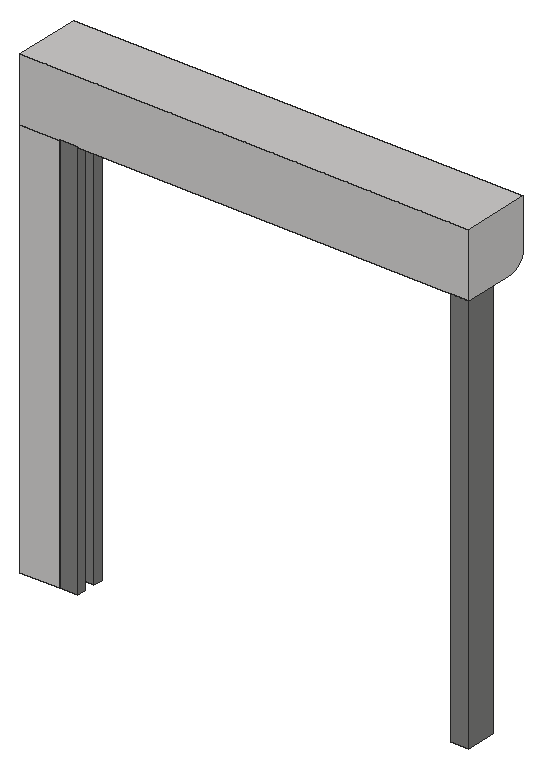
Revit family "AQ0029_Profil sous plafond PRENIUM", category Portes, Revit 2024
Family settings
  Hôte = Mur
  Numéro OmniClass = 23.30.10.00
  Titre OmniClass = Doors
  Toujours verticalement = Oui
  Couper avec des vides une fois chargée = Non
  Partagée = Non
  Repère de localisation dans la pièce = Non
Parameters
  Profondeur_Montant_Industrie = 95 mm
  Position Ouvert [instance] = yes
  Position Fermée [instance] = not(Position Ouvert)  # no
  Ouverture Standard [instance] = yes
  Ouverture ContrePoids [instance] = not(Ouverture Standard)  # no
  Largeur_Montant_Industrie = 160 mm
  Hauteur_Volet = 341.5 mm
  Hauteur_Ouverture_Porte = 1300 mm
  Hauteur_Boite_Elec = 1000 mm
  Haut_Volet_Roulant = 391 mm
  Fonction = Intérieur
  Projection - Ext. de l'encadrement = 25 mm
  Projection Int. de l'encadrement = 25 mm
  Largeur du cadre = 75 mm
  Height [instance] = 2100.5 mm
  Fermeture du mur = Par hôte
  Width [instance] = 2000 mm
  Ebrasement = 20 mm
  Définir les propriétés thermiques par = Type schématique
  Dim_Boite_Elec_Largeur = 400 mm
  Dim_Boit_Elec_Longueur = 400 mm
  Decalage_Boite_Elec = 200 mm
  Construction analytique = "<Aucun>"
Reference planes
  plane 1: y = 0
  plane 2 "Centre (gauche/droite)": x = 0
  plane 3 "Gauche": x = -1000
  plane 4 "Droite": x = 1000
  plane 5: z = 2100.5
  plane 6 "Extérieur": y = 75
  plane 7 "Intérieur": y = -75
  plane 8: y = 235
  plane 9: x = -1095
  plane 10: y = 235
  plane 11: x = 1095
  plane 12: y = 155
  plane 13: y = 155
  plane 14: z = 2491.5
  plane 15: z = 2150
  plane 16: x = -1310
  plane 17: y = 155.5
Forms (mm)
  Extrusion 1, solid, material "Acier"
    sketch origin (0, 0, 0) x (1, 0, 0) y (0, 1, 0)
      loop
        line (1095, 235) -> (1000, 235) -> (1000, 185) -> (1078, 185) -> (1078, 125) -> (1000, 125) -> (1000, 75) -> (1095, 75) -> (1095, 235)
      loop
        line (-1000, 75) -> (-1000, 125) -> (-1078, 125) -> (-1078, 185) -> (-1000, 185) -> (-1000, 235) -> (-1095, 235) -> (-1095, 75) -> (-1000, 75)
    from 0 to 2150
  Extrusion 2, solid, material "Acier fin"
    sketch origin (0, 0, 0) x (0, 1, 0) y (0, 0, 1)
      loop
        line (330, 2150) -> (75, 2150) -> (75, 0) -> (235, 0) -> (235, 1872.5) -> (330, 2150)
    from -1310 to -1095
  Extrusion 3, solid, material "Vert", visible <- "Position Fermée"
    sketch origin (0, 75, 0) x (1, 0, 0) y (0, 0, 1)
      loop
        line (1071.5, 2150) -> (-1071.5, 2150) -> (-1071.5, 0) -> (1071.5, 0) -> (1071.5, 2150)
      loop
        line (921.5, 1450) -> (75, 1450) -> (75, 1300) -> (921.5, 1300) -> (921.5, 1450)
      loop
        line (-75, 1450) -> (-921.5, 1450) -> (-921.5, 1300) -> (-75, 1300) -> (-75, 1450)
      loop
        line (921.5, 1750) -> (75, 1750) -> (75, 1600) -> (921.5, 1600) -> (921.5, 1750)
      loop
        line (-75, 1750) -> (-921.5, 1750) -> (-921.5, 1600) -> (-75, 1600) -> (-75, 1750)
    from -79.5 to -80.5
  Extrusion 4, solid, material "Noir", visible <- "Position Fermée"
    sketch origin (0, 0, 0) x (0, 1, 0) y (0, 0, 1)
      loop
        line (155.5, 0) -> (166, 0) -> (166, 232.5) -> (156.5, 251.17) -> (156.5, 270) -> (155.5, 270) -> (155.5, 0)
    from -1071.5 to 1071.5
  Extrusion 5, solid, material "Noir", visible <- "Position Fermée"
    sketch origin (0, 0, 250) x (0, 1, 0) y (0, 0, 1)
      loop
        line (155, 20) -> (156.5, 20) -> (156.5, 40) -> (166, 57.5) -> (166, 92.5) -> (156.5, 111.17) -> (156.5, 130) -> (155, 130) -> (155, 20)
    from -1071.5 to 1071.5
  Extrusion 6, solid, material "Noir", visible <- "Position Fermée"
    sketch origin (0, 0, 1090) x (0, 1, 0) y (0, 0, 1)
      loop
        line (155, 77) -> (156.5, 77) -> (156.5, 97) -> (166, 114.5) -> (166, 149.5) -> (156.5, 168.17) -> (156.5, 187) -> (155, 187) -> (155, 77)
    from -1071.5 to 1071.5
  Extrusion 7, solid, material "Noir", visible <- "Position Fermée"
    sketch origin (0, 0, 1389) x (0, 1, 0) y (0, 0, 1)
      loop
        line (155.5, 77) -> (156.5, 77) -> (156.5, 97) -> (166, 114.5) -> (166, 149.5) -> (156.5, 168.17) -> (156.5, 187) -> (155.5, 187) -> (155.5, 77)
    from -1071.5 to 1078
  Extrusion 8, solid, material "Noir", visible <- "Position Ouvert"
    sketch origin (0, 0, 2293) x (0, 1, 0) y (0, 0, 1)
      loop
        line (155.5, -192.5) -> (156.5, -192.5) -> (156.5, -172.5) -> (166, -155) -> (166, -120) -> (156.5, -101.33) -> (156.5, -82.5) -> (155.5, -82.5) -> (155.5, -192.5)
    from -1078 to 1078
  Extrusion 9, solid, material "Bleu", visible <- "Position Ouvert"
    sketch origin (0, 75, -2660) x (1, 0, 0) y (0, 0, 1)
      loop
        line (1071.5, 4810) -> (-1071.5, 4810) -> (-1071.5, 4760.5) -> (1071.5, 4760.5) -> (1071.5, 4810)
    from -79.5 to -80.5
  Extrusion 10, solid, material "Noir", visible <- "Position Fermée"
    sketch origin (0, 0, 550) x (0, 1, 0) y (0, 0, 1)
      loop
        line (155, 19) -> (156.5, 19) -> (156.5, 39) -> (166, 56.5) -> (166, 91.5) -> (156.5, 110.17) -> (156.5, 129) -> (155, 129) -> (155, 19)
    from -1078 to 1078
  Extrusion 11, solid, material "Noir", visible <- "Position Fermée"
    sketch origin (0, 0, 849) x (0, 1, 0) y (0, 0, 1)
      loop
        line (155, 19) -> (156.5, 19) -> (156.5, 39) -> (166, 56.5) -> (166, 91.5) -> (156.5, 110.17) -> (156.5, 129) -> (155, 129) -> (155, 19)
    from -1078 to 1078
  Extrusion 12, solid, material "Noir", visible <- "Position Fermée"
    sketch origin (0, 0, 1688) x (0, 1, 0) y (0, 0, 1)
      loop
        line (155.5, 77) -> (156.5, 77) -> (156.5, 97) -> (166, 114.5) -> (166, 149.5) -> (156.5, 168.17) -> (156.5, 187) -> (155.5, 187) -> (155.5, 77)
    from -1078 to 1078
  Extrusion 13, solid, material "Noir", visible <- "Position Fermée"
    sketch origin (0, 0, 1987) x (0, 1, 0) y (0, 0, 1)
      loop
        line (154.5, 77) -> (156.5, 77) -> (156.5, 97) -> (166, 114.5) -> (166, 149.5) -> (156.5, 168.17) -> (156.5, 187) -> (154.5, 187) -> (154.5, 77)
    from -1078 to 1078
  Extrusion 14, solid, material "Acier fin"
    sketch origin (0, 0, 0) x (0, 1, 0) y (0, 0, 1)
      loop
        line (75, 2150) -> (355, 2150)
        arc (355, 2150) -> (412.629, 2173.871) -> (436.5, 2231.5) r 81.5
        line (436.5, 2231.5) -> (436.5, 2491.5) -> (75, 2491.5) -> (75, 2150)
    from -1310 to 1095
  Extrusion 15, solid, visible <- "Ouverture ContrePoids"
    sketch origin (0, 0, 0) x (1, 0, 0) y (0, 1, 0)
      loop
        line (1095, 75) -> (1395, 75) -> (1395, 234.5) -> (1095, 234.5) -> (1095, 75)
    from 0 to 2150
Lines and regions (mm)
  Opening 1
    outline origin (-3050, -75, 0) x (1, 0, 0) y (0, 0, 1)
      loop
        line (2050, 0) -> (4050, 0) -> (4050, 2100.5) -> (2050, 2100.5) -> (2050, 0)
  symbolic lines, style "Sens d'ouverture de l'élévation"
    curve 1: line (1000, -75, 1050.25) -> (-1000, -75, 2100.5)
    curve 2: line (1000, -75, 1050.25) -> (-1000, -75, 0)
Text (mm)
  text "Extérieur" at (-2295.016, 1099.543, 0), in view "Niveau de réf."
  text "Extérieur" at (0, 1615.38, 3698.081), in view "Gauche"
  text "Extérieur" at (0, 1036.032, 3874.932), in view "Droite"
Dimensions and locks
  equal spacing: plane 3 "Gauche", plane 2 "Centre (gauche/droite)", plane 4 "Droite"
  "Width": plane 3 "Gauche" to plane 4 "Droite"
  "Height": plane 5 to host wall
  equal spacing: host wall, curve 2, plane 5
  host wall to plane 5 = 2100.5 mm
  locked: plane 6 "Extérieur" to host wall
  locked: plane 7 "Intérieur" to host wall
  "Profondeur_Montant_Industrie": plane 9 to plane 3 "Gauche"
  "Profondeur_Montant_Industrie": plane 4 "Droite" to plane 11
  "Largeur_Montant_Industrie": plane 6 "Extérieur" to plane 8
  "Largeur_Montant_Industrie": plane 6 "Extérieur" to plane 10
  equal spacing: plane 6 "Extérieur", plane 12, plane 10
  equal spacing: plane 8, plane 13, plane 6 "Extérieur"
  locked: plane 6 "Extérieur" to Extrusion 1 sketch curve at 50  (x2)
  locked: Extrusion 1 sketch curve to plane 10 at 50
  locked: Extrusion 1 sketch curve to plane 11 at 17
  locked: plane 8 to Extrusion 1 sketch curve at 50
  locked: plane 9 to Extrusion 1 sketch curve at 17
  "Haut_Volet_Roulant": plane 5 to plane 14
  "Hauteur_Volet": plane 15 to plane 14
  locked: plane 16 to plane 9 at 215
  locked: plane 4 "Droite" to Extrusion 3 sketch curve at 71.5
  locked: Extrusion 3 sketch curve to plane 3 "Gauche" at 71.5
  locked: Extrusion 3 sketch curve to Extrusion 3 sketch curve at 150  (x9)
  "Hauteur_Ouverture_Porte": Extrusion 3 sketch curve to Extrusion 3 sketch curve
  locked: plane 17 to plane 13 at 0.5
  locked: plane 17 to Extrusion 4 sketch curve at 10.5
  locked: Extrusion 4 sketch curve to Extrusion 4 sketch curve at 18.83
  locked: Extrusion 4 sketch curve to Extrusion 4 sketch curve at 37.5
  locked: plane 17 to Extrusion 4 sketch curve at 1
  locked: Extrusion 5 sketch curve to Extrusion 5 sketch curve at 110
  locked: Extrusion 5 sketch curve to Extrusion 5 sketch curve at 18.83
  locked: Extrusion 5 sketch curve to Extrusion 5 sketch curve at 20
  locked: Extrusion 5 sketch curve to Extrusion 5 sketch curve at 35
  locked: Extrusion 5 sketch curve to Extrusion 5 sketch curve at 37.5
  Extrusion 5 sketch curve to Extrusion 5 sketch curve = 37.5 mm
  locked: Extrusion 6 sketch curve to Extrusion 6 sketch curve at 110
  locked: Extrusion 6 sketch curve to Extrusion 6 sketch curve at 18.83
  locked: Extrusion 6 sketch curve to Extrusion 6 sketch curve at 20
  locked: Extrusion 6 sketch curve to Extrusion 6 sketch curve at 35
  locked: Extrusion 6 sketch curve to Extrusion 6 sketch curve at 37.5
  Extrusion 6 sketch curve to Extrusion 6 sketch curve = 37.5 mm
  locked: Extrusion 7 sketch curve to Extrusion 7 sketch curve at 110
  locked: Extrusion 7 sketch curve to Extrusion 7 sketch curve at 18.83
  locked: Extrusion 7 sketch curve to Extrusion 7 sketch curve at 20
  locked: Extrusion 7 sketch curve to Extrusion 7 sketch curve at 35
  locked: Extrusion 7 sketch curve to Extrusion 7 sketch curve at 37.5
  Extrusion 7 sketch curve to Extrusion 7 sketch curve = 37.5 mm
  locked: Extrusion 6 to Extrusion 7 at 189
  Extrusion 5 to Extrusion 6 = 787 mm
  Extrusion 4 to Extrusion 5 = 0 mm
  locked: Extrusion 8 sketch curve to Extrusion 8 sketch curve at 110
  locked: Extrusion 8 sketch curve to Extrusion 8 sketch curve at 18.83
  locked: Extrusion 8 sketch curve to Extrusion 8 sketch curve at 20
  locked: Extrusion 8 sketch curve to Extrusion 8 sketch curve at 35
  locked: Extrusion 8 sketch curve to Extrusion 8 sketch curve at 37.5
  Extrusion 8 sketch curve to Extrusion 8 sketch curve = 37.5 mm
  locked: Extrusion 9 sketch curve to plane 9 at 23.5
  locked: plane 11 to Extrusion 9 sketch curve at 23.5
  locked: Extrusion 4 sketch curve to level at 270
  plane 4 "Droite" to Extrusion 1 = 95 mm
  locked: Extrusion 10 sketch curve to Extrusion 10 sketch curve at 110
  locked: Extrusion 10 sketch curve to Extrusion 10 sketch curve at 18.83
  locked: Extrusion 10 sketch curve to Extrusion 10 sketch curve at 20
  locked: Extrusion 10 sketch curve to Extrusion 10 sketch curve at 35
  locked: Extrusion 10 sketch curve to Extrusion 10 sketch curve at 37.5
  Extrusion 10 sketch curve to Extrusion 10 sketch curve = 37.5 mm
  locked: Extrusion 10 sketch curve to Extrusion 5 at 189
  locked: Extrusion 11 sketch curve to Extrusion 11 sketch curve at 110
  locked: Extrusion 11 sketch curve to Extrusion 11 sketch curve at 18.83
  locked: Extrusion 11 sketch curve to Extrusion 11 sketch curve at 20
  locked: Extrusion 11 sketch curve to Extrusion 11 sketch curve at 35
  locked: Extrusion 11 sketch curve to Extrusion 11 sketch curve at 37.5
  Extrusion 11 sketch curve to Extrusion 11 sketch curve = 37.5 mm
  locked: Extrusion 11 sketch curve to Extrusion 10 at 189
  locked: Extrusion 6 sketch curve to Extrusion 11 at 189
  locked: Extrusion 12 sketch curve to Extrusion 12 sketch curve at 110
  locked: Extrusion 12 sketch curve to Extrusion 12 sketch curve at 18.83
  locked: Extrusion 12 sketch curve to Extrusion 12 sketch curve at 20
  locked: Extrusion 12 sketch curve to Extrusion 12 sketch curve at 35
  locked: Extrusion 12 sketch curve to Extrusion 12 sketch curve at 37.5
  Extrusion 12 sketch curve to Extrusion 12 sketch curve = 37.5 mm
  locked: Extrusion 13 sketch curve to Extrusion 13 sketch curve at 110
  locked: Extrusion 13 sketch curve to Extrusion 13 sketch curve at 18.83
  locked: Extrusion 13 sketch curve to Extrusion 13 sketch curve at 20
  locked: Extrusion 13 sketch curve to Extrusion 13 sketch curve at 35
  locked: Extrusion 13 sketch curve to Extrusion 13 sketch curve at 37.5
  Extrusion 13 sketch curve to Extrusion 13 sketch curve = 37.5 mm
  locked: Extrusion 7 to Extrusion 12 at 189
  locked: Extrusion 12 to Extrusion 13 at 189
  level to plane 14 = 2491.5 mm
  locked: host wall to Extrusion 14 sketch curve at 361.5
  locked: Extrusion 14 sketch curve to plane 15 at 341.5
  locked: Extrusion 1 to Extrusion 2 sketch curve at 255
  locked: plane 11 to Extrusion 15 sketch curve at 300
  locked: plane 6 "Extérieur" to Extrusion 15 sketch curve at 159.5
  aligned and locked: plane 3 "Gauche" to Opening 1 sketch curve
  aligned and locked: plane 5 to Opening 1 sketch curve  (x2)
  aligned and locked: Opening 1 sketch curve to plane 4 "Droite"
  aligned and locked: Opening 1 sketch curve to level
  aligned and locked: plane 5 to curve 1
  aligned and locked: plane 3 "Gauche" to curve 2
  aligned and locked: plane 1 to host wall
  aligned and locked: plane 3 "Gauche" to curve 1
  aligned and locked: Extrusion 1 sketch curve to plane 10
  aligned and locked: Extrusion 1 sketch curve to plane 6 "Extérieur"  (x2)
  aligned and locked: Extrusion 1 sketch curve to plane 4 "Droite"  (x2)
  aligned and locked: Extrusion 1 sketch curve to plane 11
  aligned and locked: Extrusion 1 sketch curve to plane 9
  aligned and locked: Extrusion 1 sketch curve to plane 8
  aligned and locked: Extrusion 1 sketch curve to plane 3 "Gauche"
  aligned and locked: Extrusion 1 to plane 15
  aligned and locked: plane 15 to Extrusion 2 sketch curve
  aligned and locked: host wall to Extrusion 2 sketch curve
  aligned and locked: Extrusion 2 to plane 16
  aligned and locked: plane 9 to Extrusion 2
  aligned and locked: Extrusion 3 sketch curve to level
  aligned and locked: Extrusion 3 sketch curve to plane 15
  aligned and locked: Extrusion 3 sketch curve to Extrusion 3 sketch curve  (x5)
  aligned and locked: plane 17 to Extrusion 3
  aligned and locked: Extrusion 4 sketch curve to plane 17
  aligned and locked: Extrusion 4 to Extrusion 3
  aligned and locked: Extrusion 3 to Extrusion 4
  aligned and locked: Extrusion 5 sketch curve to Extrusion 5 sketch curve
  aligned and locked: Extrusion 3 to Extrusion 5
  aligned and locked: Extrusion 5 to Extrusion 3
  aligned and locked: Extrusion 6 sketch curve to Extrusion 6 sketch curve
  aligned and locked: Extrusion 6 to Extrusion 3
  aligned and locked: Extrusion 3 to Extrusion 6
  aligned and locked: plane 13 to Extrusion 6
  aligned and locked: plane 13 to Extrusion 5
  aligned and locked: Extrusion 7 sketch curve to Extrusion 7 sketch curve
  aligned and locked: Extrusion 7 to Extrusion 1
  aligned and locked: Extrusion 3 to Extrusion 7
  aligned and locked: Extrusion 7 to Extrusion 3
  aligned and locked: Extrusion 4 sketch curve to level
  aligned and locked: Extrusion 8 sketch curve to Extrusion 8 sketch curve
  aligned and locked: Extrusion 8 to Extrusion 1  (x2)
  aligned and locked: Extrusion 8 to Extrusion 3
  aligned and locked: Extrusion 9 sketch curve to plane 15
  aligned and locked: Extrusion 9 sketch curve to plane 5
  aligned and locked: Extrusion 2 sketch curve to level
  aligned and locked: Extrusion 2 sketch curve to Extrusion 1
  aligned and locked: Extrusion 5 sketch curve to Extrusion 4
  aligned and locked: Extrusion 10 sketch curve to Extrusion 10 sketch curve
  aligned and locked: Extrusion 10 to Extrusion 1  (x2)
  aligned and locked: Extrusion 10 to Extrusion 5
  aligned and locked: Extrusion 11 sketch curve to Extrusion 11 sketch curve
  aligned and locked: Extrusion 11 to Extrusion 1  (x2)
  aligned and locked: Extrusion 6 to Extrusion 11
  aligned and locked: Extrusion 12 sketch curve to Extrusion 12 sketch curve
  aligned and locked: Extrusion 13 sketch curve to Extrusion 13 sketch curve
  aligned and locked: Extrusion 12 to Extrusion 1  (x2)
  aligned and locked: Extrusion 13 to Extrusion 1  (x2)
  aligned and locked: Extrusion 13 to Extrusion 9
  aligned and locked: Extrusion 12 to Extrusion 3
  aligned and locked: Extrusion 14 sketch curve to host wall
  aligned and locked: Extrusion 14 sketch curve to plane 15
  aligned and locked: plane 11 to Extrusion 14
  aligned and locked: plane 16 to Extrusion 14
  aligned and locked: Extrusion 1 to Extrusion 15 sketch curve
  aligned and locked: Extrusion 15 sketch curve to Extrusion 1
  aligned and locked: Extrusion 1 to Extrusion 15
Automatic sketch dimensions
  curve 2 to level = 0 mm
  plane 4 "Droite" to curve 2 = 0 mm
  Extrusion 1 sketch curve to plane 3 "Gauche" = 0 mm
  Extrusion 5 sketch curve to plane 12 = 0 mm
  plane 17 to Extrusion 5 sketch curve = 1 mm
  plane 17 to Extrusion 5 sketch curve = 10.5 mm
  Extrusion 6 sketch curve to plane 12 = 0 mm
  plane 17 to Extrusion 6 sketch curve = 1 mm
  plane 17 to Extrusion 6 sketch curve = 10.5 mm
  Extrusion 7 sketch curve to plane 17 = 0 mm
  Extrusion 7 sketch curve to Extrusion 7 sketch curve = 1 mm
  plane 17 to Extrusion 7 sketch curve = 10.5 mm
  plane 5 to Extrusion 7 sketch curve = 634.5 mm
  plane 5 to Extrusion 8 sketch curve = 0 mm
  Extrusion 8 sketch curve to plane 17 = 0 mm
  plane 17 to Extrusion 8 sketch curve = 1 mm
  plane 17 to Extrusion 8 sketch curve = 10.5 mm
  Extrusion 10 sketch curve to plane 12 = 0 mm
  plane 17 to Extrusion 10 sketch curve = 1 mm
  plane 17 to Extrusion 10 sketch curve = 10.5 mm
  Extrusion 11 sketch curve to plane 12 = 0 mm
  plane 17 to Extrusion 11 sketch curve = 1 mm
  plane 17 to Extrusion 11 sketch curve = 10.5 mm
  Extrusion 12 sketch curve to plane 17 = 0 mm
  Extrusion 12 sketch curve to Extrusion 12 sketch curve = 1 mm
  plane 17 to Extrusion 12 sketch curve = 10.5 mm
  plane 5 to Extrusion 12 sketch curve = 335.5 mm
  Extrusion 13 sketch curve to plane 12 = 0.5 mm
  plane 17 to Extrusion 13 sketch curve = 1 mm
  plane 17 to Extrusion 13 sketch curve = 10.5 mm
  plane 5 to Extrusion 13 sketch curve = 36.5 mm
  Extrusion 14 sketch curve to Extrusion 14 sketch curve = 81.5 mm
  plane 5 to Extrusion 2 sketch curve = 228 mm
  Extrusion 3 sketch curve to plane 2 "Centre (gauche/droite)" = 75 mm
